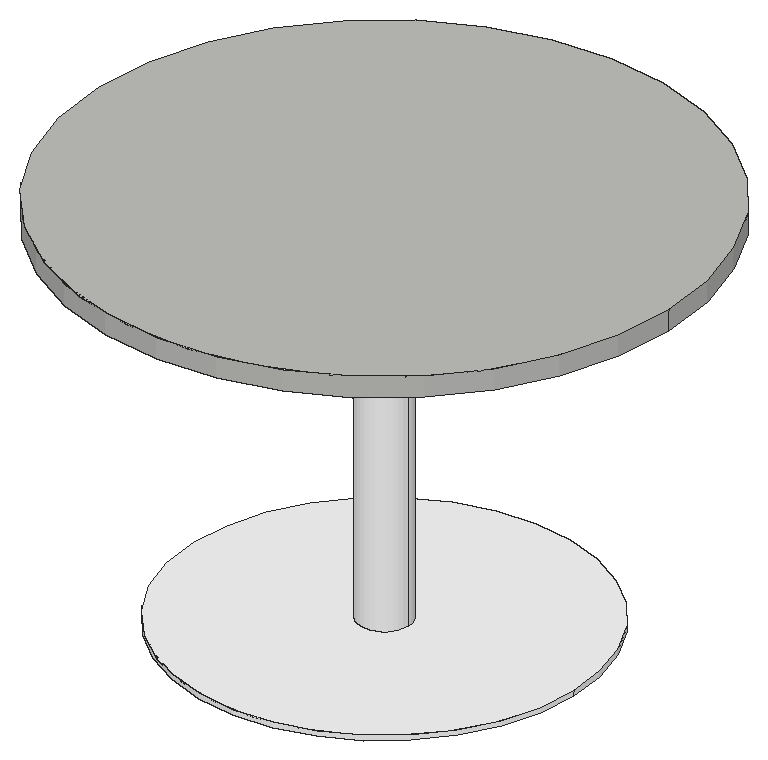
Revit family "Tables-Casual-Teknion-ATCCL_Circular_Lounge-R20151", category Furniture, Revit 2015
Parameters (values of type "30" Diameter")
  Width = 30.000"
  Warranty = "http://www.teknion.com/ca/papers/legal-canada"
  Unit Weight URL = "http://www.teknion.com/ca/tools/assets#&asset=bee6a381-b954-425e-8283-5a2de3a804f2,f828d448-4b62-4231-9e5f-9a8991c0ed77"
  URL = "www.teknion.com"
  Table Finish [instance] = Source Laminate - Teknion - RV - Very White
  Sustainability Data = "http://www.teknion.com/ca/tools/assets#&topic=216f99a5-57a0-44fc-b10a-9dee9b29ae4c&asset=444deb64-fe58-4b68-981e-f75e97781df7"
  Series = "Tables & Collaborative Spaces"  # constant formula
  Product Page URL = "https://www.teknion.com/ca/products/product-details?productlineid=a687336e-8e7a-673b-a6c8-ff00004460c4"
  Product Line = "Tables & Collaborative Spaces"  # constant formula
  Product Documentation Link = "https://www.teknion.com/pricing/tables/pdfs/ATCCL_ppg.pdf"
  Part Number = "ATCCL"  # constant formula
  Model = "ATCCL30"
  Manufacturer Phone = "416-661-3370"  # constant formula
  Manufacturer Fax = "416.661.4586"  # constant formula
  Manufacturer Contact Information = "http://www.teknion.com/ca/contactus"
  Manufacturer Address = "1150 Flint Road, Toronto, ON. M3J 2J5. Canada"  # constant formula
  Manufacturer = "Teknion"  # constant formula
  Description = "Circular Lounge Table, 30\" Diameter"
  Base Finish [instance] = Mica - Teknion - V - Satin - Very White
  Assembly Code = "E2020200"
Types (3): name | Width | Model | Description
  (no name) | 30.000" | "ATCCL30" | "Circular Lounge Table, 30\" Diameter"
  24" Diameter | 24.000" | "ATCCL24" | "Circular Lounge Table, 24\" Diameter"
  30" Diameter | 30.000" | "ATCCL30" | "Circular Lounge Table, 30\" Diameter"
Reference planes (in)
  plane 1 "Center Front/Back": y = 0
  plane 2: z = 0
  plane 3 "Center Left/Right": x = 0
  plane 4 "Left": x = -15
  plane 5 "Right": x = 15
  plane 6 "Back": y = 15
  plane 7 "Front": y = -15
  plane 8 "Top": z = 20
  plane 9: x = -5
  plane 10: y = 5
  plane 11: x = 5
  plane 12: y = -5
  plane 13: z = 19
  plane 14: z = 18.9
  plane 15: z = 0.25
Forms (in)
  Extrusion 1, solid, material "Source Laminate - Teknion - RV - Very White" <- "Table Finish"
    sketch origin (0, 0, 0) x (1, 0, 0) y (0, 1, 0)
      loop
        circle (0, 0) r 15
    from 19 to 20
  Extrusion 2, solid, material "Mica - Teknion - V - Satin - Very White" <- "Base Finish"
    sketch origin (0, 0, 0) x (1, 0, 0) y (0, 1, 0)
      loop
        circle (0, 0) r 10
    from 0 to 0.25
  Extrusion 3, solid, material "Mica - Teknion - V - Satin - Very White" <- "Base Finish"
    sketch origin (0, 0, 0) x (1, 0, 0) y (0, 1, 0)
      loop
        line (5, 5) -> (-5, 5) -> (-5, -5) -> (5, -5) -> (5, 5)
    from 18.9 to 19
  Extrusion 4, solid, material "Mica - Teknion - V - Satin - Very White" <- "Base Finish"
    sketch origin (0, 0, 0) x (1, 0, 0) y (0, 1, 0)
      loop
        circle (0, 0) r 1.26525
    from 0.25 to 18.9
Lines and regions (in)
  Masking region 1
    outline origin (0, 0, 0) x (1, 0, 0) y (0, 1, 0)
      loop
        circle (0, 0) r 15
  symbolic lines, style "FurnitureHiddenLines", detail levels medium+fine
    curve 1: line (-5, 5, 0) -> (-5, -5, 0)
    curve 2: line (-5, -5, 0) -> (5, -5, 0)
    curve 3: line (5, -5, 0) -> (5, 5, 0)
    curve 4: line (5, 5, 0) -> (-5, 5, 0)
    curve 5: arc (-1.26525, 0, 0) -> (0, -1.26525, 0) -> (1.26525, 0, 0) r 1.26525
    curve 6: arc (1.26525, 0, 0) -> (0, 1.26525, 0) -> (-1.26525, 0, 0) r 1.26525
  symbolic lines, style "FurnitureHiddenLines", detail levels fine
    curve 7: arc (10, 0, 0) -> (0, 10, 0) -> (-10, 0, 0) r 10
    curve 8: arc (-10, 0, 0) -> (0, -10, 0) -> (10, 0, 0) r 10
Dimensions and locks (in)
  "Width": plane 4 "Left" to plane 5 "Right"
  equal spacing: plane 6 "Back", plane 1 "Center Front/Back", plane 7 "Front"
  plane 8 "Top" to level = 20.000"
  "Width": plane 7 "Front" to plane 6 "Back"
  equal spacing: plane 4 "Left", plane 3 "Center Left/Right", plane 5 "Right"
  plane 12 to plane 1 "Center Front/Back" to plane 10 = 5.000" locked, 5.000" locked
  plane 8 "Top" to plane 13 to plane 14 = 1.000" locked, 0.100" locked
  locked: plane 15 to plane 2 at 0.25
  locked: Extrusion 2 sketch curve to plane 1 "Center Front/Back" at 0
  locked: Extrusion 2 sketch curve to plane 3 "Center Left/Right" at 0
  locked: plane 3 "Center Left/Right" to Extrusion 4 sketch curve at 0
  locked: plane 1 "Center Front/Back" to Extrusion 4 sketch curve at 0
  locked: Extrusion 1 sketch curve to plane 1 "Center Front/Back" at 0
  locked: plane 3 "Center Left/Right" to Extrusion 1 sketch curve at 0
  locked: plane 4 "Left" to Extrusion 1 sketch curve at 0
  plane 9 to plane 3 "Center Left/Right" to plane 11 = 5.000" locked, 5.000" locked
  aligned and locked: level to plane 2
  aligned and locked: Extrusion 1 to plane 8 "Top"
  aligned and locked: Extrusion 1 to plane 13
  aligned and locked: plane 15 to Extrusion 2
  aligned and locked: Extrusion 3 sketch curve to plane 10
  aligned and locked: Extrusion 3 sketch curve to plane 9
  aligned and locked: Extrusion 3 sketch curve to plane 12
  aligned and locked: Extrusion 3 sketch curve to plane 11
  aligned and locked: plane 13 to Extrusion 3
  aligned and locked: Extrusion 3 to plane 14
  aligned and locked: plane 14 to Extrusion 4
  aligned and locked: Extrusion 4 to plane 15
  aligned and locked: Extrusion 2 to plane 2
  aligned and locked: Extrusion 2 to plane 15
  aligned and locked: Masking region 1 sketch curve to Extrusion 1  (x2)
  aligned and locked: curve 5 to Extrusion 4
  aligned and locked: curve 6 to Extrusion 4
  aligned and locked: curve 7 to Extrusion 2
  aligned and locked: curve 8 to Extrusion 2
  aligned and locked: curve 1 to Extrusion 3
  aligned and locked: curve 4 to Extrusion 3
  aligned and locked: curve 3 to Extrusion 3
  aligned and locked: curve 2 to Extrusion 3
Automatic sketch dimensions
  radius of Extrusion 2 sketch curve = 10.000"
  radius of Extrusion 4 sketch curve = 1.26525"
